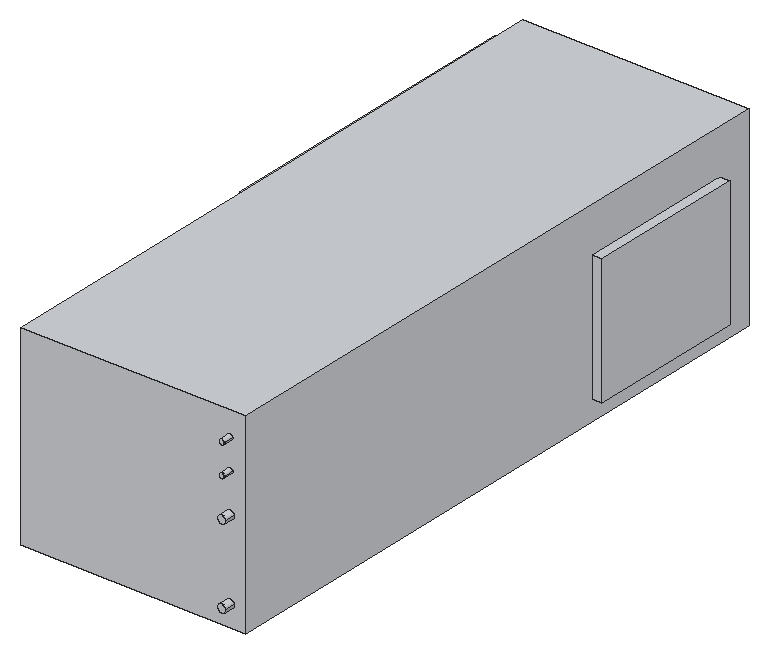
Revit family "M_WSHP - Horizontal - High Efficiency - 7-18 kW - Left Return - Right Discharge", category Mechanical Equipment, Revit 2023
Family settings
  Round Connector Dimension = Use Radius
  Part Type = Normal
  Work Plane-Based = No
  Always vertical = Yes
  Cut with Voids When Loaded = No
  Maintain Annotation Orientation = No
  Shared = No
  Room Calculation Point = No
Parameters (values of type "7 kW")
  Water Supply Radius = 10 mm
  Water Supply Diameter = Water Supply Radius * 2  # 20 mm
  Water Return Radius = 10 mm
  Water Return Diameter = Water Return Radius * 2  # 20 mm
  Water Pressure Drop [instance] = 24131.6 Pa
  Water Flow [instance] = 0.5 L/s
  Voltage = 208 V
  Supply Air Width = 400 mm
  Supply Air Height = 325 mm
  Return Air Height = 450 mm
  Return Air Width = 800 mm
  Pump Width = 1579.9 mm
  Pump Material = none
  Pump Length = 568.9 mm
  Pump Height = 490.2 mm
  Number of Poles = 3
  Hot Water Supply Radius = 6 mm
  Hot Water Supply Diameter = Hot Water Supply Radius * 2  # 12 mm
  Hot Water Return Radius = 6 mm
  Hot Water Return Diameter = Hot Water Return Radius * 2  # 12 mm
  Hot Water Flow [instance] = 0.32 L/s
  Default Elevation = 0 mm
  Condensate Radius = 10 mm
  Drain Flow [instance] = 0.0 L/s
  Condensate Diameter = Condensate Radius * 2  # 20 mm
  C6 Offset 1 = 55.9 mm
  C5 Offset 2 = 91.5 mm
  C5 Offset 1 = 50.8 mm
  C4 Offset 1 = 353 mm
  C3 Offset 1 = 429.2 mm
  C2 Offset 1 = 254 mm
  C1 Offset 1 = 53.4 mm
  Apparent Load = 3952 VA
  External Static Pressure [instance] = 149.3 Pa
  Air Flow [instance] = 377.56 L/s
Types (4, lengths in mm): name | Water Supply Radius | Water Supply Diameter | Water Return Radius | Water Return Diameter | Water Pressure Drop | Water Flow | Supply Air Width | Supply Air Height | Return Air Height | Return Air Width | Pump Width | Pump Length | Pump Height | Hot Water Flow | C5 Offset 2 | C5 Offset 1 | C4 Offset 1 | C3 Offset 1 | C2 Offset 1 | C1 Offset 1 | Apparent Load | External Static Pressure | Air Flow
  7 kW | 10 | 20 | 10 | 20 | 24131.6 Pa | 0.5 L/s | 400 | 325 | 450 | 800 | 1579.9 | 568.9 | 490.2 | 0.32 L/s | 91.5 | 50.8 | 353 | 429.2 | 254 | 53.4 | 3952 VA | 149.3 Pa | 377.56 L/s
  11 kW | 10 | 20 | 10 | 20 | 31026.4 Pa | 0.57 L/s | 450 | 475 | 500 | 900 | 1808.5 | 645.1 | 541 | 0.5 L/s | 78.8 | 25.4 | 370.9 | 480 | 274.3 | 151.4 | 5283 VA | 149.3 Pa | 566.34 L/s
  14 kW | 15 | 30 | 15 | 30 | 24821.1 Pa | 0.76 L/s | 450 | 475 | 500 | 1050 | 1935.5 | 645.1 | 541 | 0.63 L/s | 78.8 | 25.4 | 396.3 | 480 | 274.3 | 151.4 | 6780 VA | 199.07 Pa | 755.12 L/s
  18 kW | 15 | 30 | 15 | 30 | 24821.1 Pa | 0.95 L/s | 450 | 475 | 500 | 1150 | 2062.5 | 645.1 | 541 | 0.82 L/s | 78.8 | 25.4 | 396.3 | 480 | 274.3 | 151.4 | 7696 VA | 199.07 Pa | 943.89 L/s
Reference planes
  plane 1 "Center (Front/Back)": y = 0
  plane 2: z = 0
  plane 3 "Center (Left/Right)": x = 0
  plane 4: y = 1579.9
  plane 5: x = 568.9
  plane 6: z = 490.2
  plane 7: y = 1524
  plane 8: y = 724
  plane 9: z = 245.1
  plane 10: z = 470.1
  plane 11: z = 20.1
  plane 12: x = -25.4
  plane 13: y = 1605.3
  plane 14: z = 86.36
  plane 15: z = 86.36
  plane 16: x = 511.75
  plane 17: z = 363.2
  plane 18: x = 40.64
  plane 19: x = 528.26
  plane 20: z = 53.4
  plane 21: z = 254
  plane 22: z = 353
  plane 23: z = 429.2
  plane 24: y = -25.4
  plane 25: y = 1488.4
  plane 26: y = 1088.4
  plane 27: z = 50.8
  plane 28: z = 375.8
  plane 29: x = 594.3
Forms (mm)
  Extrusion 1, solid, material <- "Pump Material"
    sketch origin (0, 0, 0) x (1, 0, 0) y (0, 1, 0)
      loop
        line (0, 0) -> (568.9, 0) -> (568.9, 1579.9) -> (0, 1579.9) -> (0, 0)
    from 0 to 490.2
  Extrusion 2, solid, material <- "Pump Material"
    sketch origin (0, 0, 0) x (0, 1, 0) y (0, 0, 1)
      loop
        line (1524, 20.1) -> (1524, 470.1) -> (724, 470.1) -> (724, 20.1) -> (1524, 20.1)
    from -25.4 to 0
  Extrusion 3, solid, material <- "Pump Material"
    sketch origin (0, 0, 0) x (1, 0, 0) y (0, 0, 1)
      loop
        circle (511.75, 86.36) r 10
    from -1605.3 to -1579.9
  Extrusion 4, solid, material <- "Pump Material"
    sketch origin (0, 0, 0) x (1, 0, 0) y (0, 0, 1)
      loop
        circle (40.64, 363.2) r 25.4
    from -62.547 to 0
  Extrusion 5, solid, material <- "Pump Material"
    sketch origin (0, 0, 0) x (1, 0, 0) y (0, 0, 1)
      loop
        circle (528.26, 53.4) r 10
    from 0 to 25.4
  Extrusion 6, solid, material <- "Pump Material"
    sketch origin (0, 0, 0) x (1, 0, 0) y (0, 0, 1)
      loop
        circle (528.26, 254) r 10
    from 0 to 25.4
  Extrusion 7, solid, material <- "Pump Material"
    sketch origin (0, 0, 0) x (1, 0, 0) y (0, 0, 1)
      loop
        circle (528.26, 353) r 6
    from 0 to 25.4
  Extrusion 8, solid, material <- "Pump Material"
    sketch origin (0, 0, 0) x (1, 0, 0) y (0, 0, 1)
      loop
        circle (528.26, 429.2) r 6
    from 0 to 25.4
  Extrusion 9, solid, material <- "Pump Material"
    sketch origin (0, 0, 0) x (0, 1, 0) y (0, 0, 1)
      loop
        line (1088.4, 50.8) -> (1488.4, 50.8) -> (1488.4, 375.8) -> (1088.4, 375.8) -> (1088.4, 50.8)
    from 568.9 to 594.3
Cuts and joins
  joined: Extrusion 1, Extrusion 2, Extrusion 3, Extrusion 4, Extrusion 5, Extrusion 6, Extrusion 7, Extrusion 8, Extrusion 9
Dimensions and locks
  "Pump Width": plane 4 to plane 1 "Center (Front/Back)"
  "Pump Length": plane 3 "Center (Left/Right)" to plane 5
  "Pump Height": plane 6 to level
  "C6 Offset 1": plane 4 to plane 7
  "Return Air Width": plane 7 to plane 8
  equal spacing: plane 11, plane 9, plane 10
  "Return Air Height": plane 11 to plane 10
  locked: plane 12 to Extrusion 1 at 25.4
  locked: plane 13 to plane 4 at 25.4
  locked: plane 2 to plane 15 at 86.36
  locked: plane 5 to plane 16 at 57.15
  locked: plane 18 to plane 3 "Center (Left/Right)" at 40.64
  locked: plane 6 to plane 17 at 127
  locked: plane 19 to plane 5 at 40.64
  "C1 Offset 1": plane 20 to plane 2
  "C2 Offset 1": plane 21 to level
  "C4 Offset 1": plane 22 to level
  "C3 Offset 1": plane 23 to level
  locked: plane 24 to plane 1 "Center (Front/Back)" at 25.4
  "C5 Offset 2": plane 25 to plane 4
  "Supply Air Width": plane 26 to plane 25
  "C5 Offset 1": plane 27 to plane 2
  "Supply Air Height": plane 28 to plane 27
  locked: plane 5 to plane 29 at 25.4
  equal spacing: plane 6, plane 9, level
  "Condensate Radius": radius of Extrusion 3 sketch curve
  radius of Extrusion 4 sketch curve = 25.4 mm
  "Water Supply Radius": radius of Extrusion 5 sketch curve
  "Water Return Radius": radius of Extrusion 6 sketch curve
  "Hot Water Return Radius": radius of Extrusion 7 sketch curve
  "Hot Water Supply Radius": radius of Extrusion 8 sketch curve
  aligned and locked: plane 3 "Center (Left/Right)" to Extrusion 1 sketch curve
  aligned and locked: plane 1 "Center (Front/Back)" to Extrusion 1 sketch curve
  aligned and locked: plane 4 to Extrusion 1 sketch curve
  aligned and locked: plane 5 to Extrusion 1 sketch curve
  aligned and locked: plane 6 to Extrusion 1
  aligned and locked: plane 7 to Extrusion 2 sketch curve
  aligned and locked: Extrusion 2 sketch curve to plane 11
  aligned and locked: plane 10 to Extrusion 2 sketch curve
  aligned and locked: Extrusion 2 sketch curve to plane 8
  aligned and locked: Extrusion 2 to plane 12
  aligned and locked: plane 3 "Center (Left/Right)" to Extrusion 2
  aligned and locked: Extrusion 1 to level
  aligned and locked: Extrusion 3 to plane 4
  aligned and locked: plane 15 to Extrusion 3 sketch curve
  aligned and locked: plane 16 to Extrusion 3 sketch curve
  aligned and locked: plane 17 to Extrusion 4 sketch curve
  aligned and locked: plane 18 to Extrusion 4 sketch curve
  aligned and locked: plane 20 to Extrusion 5 sketch curve
  aligned and locked: plane 19 to Extrusion 5 sketch curve
  aligned and locked: plane 19 to Extrusion 6 sketch curve
  aligned and locked: plane 21 to Extrusion 6 sketch curve
  aligned and locked: plane 19 to Extrusion 7 sketch curve
  aligned and locked: plane 22 to Extrusion 7 sketch curve
  aligned and locked: plane 19 to Extrusion 8 sketch curve
  aligned and locked: plane 23 to Extrusion 8 sketch curve
  aligned and locked: Extrusion 8 to plane 24
  aligned and locked: Extrusion 7 to Extrusion 8
  aligned and locked: Extrusion 6 to Extrusion 7
  aligned and locked: Extrusion 6 to Extrusion 5  (x2)
  aligned and locked: Extrusion 5 to plane 1 "Center (Front/Back)"
  aligned and locked: Extrusion 5 to Extrusion 1
  aligned and locked: Extrusion 8 to plane 1 "Center (Front/Back)"
  aligned and locked: plane 26 to Extrusion 9 sketch curve
  aligned and locked: Extrusion 9 sketch curve to plane 27
  aligned and locked: plane 28 to Extrusion 9 sketch curve
  aligned and locked: plane 25 to Extrusion 9 sketch curve
  aligned and locked: plane 29 to Extrusion 9
  aligned and locked: Extrusion 9 to plane 5
  aligned and locked: plane 13 to cut or joined group 1 (Extrusion 1, Extrusion 2, Extrusion 3, Extrusion 4, Extrusion 5, Extrusion 6, Extrusion 7, Extrusion 8, Extrusion 9)
Connectors
  piping at (528.26, -25.4, 53.4), diameter 20, driven by "Water Supply Radius", driven by "Water Flow"
    settings: on Extrusion 5, index 1, connector inside diameter 20 mm, connector length 0 mm, flow factor 0, pipe flow 0.5 L/s, pressure drop 0.0 Pa, fitting loss kfactor 0, connector angle 0.00°, fixture units 0, engagement length 0 mm, angle of deflection 0.00°, flow configuration 1, flow direction 1, fitting loss method 0, system type 7, joint type 0, gender type 0, connector reference index 2, connector utility 0, adjustable connector no, is connector primary yes, connector description "Water Supply In"
  piping at (528.26, -25.4, 254), diameter 20, driven by "Water Return Radius", driven by "Water Flow", driven by "Water Pressure Drop"
    settings: on Extrusion 6, index 2, connector inside diameter 20 mm, connector length 0 mm, flow factor 0, pipe flow 0.5 L/s, pressure drop 24131.6 Pa, fitting loss kfactor 0, connector angle 0.00°, fixture units 0, engagement length 0 mm, angle of deflection 0.00°, flow configuration 1, flow direction 2, fitting loss method 4, system type 8, joint type 0, gender type 0, connector reference index 1, connector utility 0, adjustable connector no, is connector primary no, connector description "Water Return Out"
  piping at (528.26, -25.4, 429.2), diameter 12, driven by "Hot Water Flow", driven by "Hot Water Supply Radius"
    settings: on Extrusion 8, index 3, connector inside diameter 12 mm, connector length 0 mm, flow factor 0, pipe flow 0.32 L/s, pressure drop 0.0 Pa, fitting loss kfactor 0, connector angle 0.00°, fixture units 0, engagement length 0 mm, angle of deflection 0.00°, flow configuration 0, flow direction 2, fitting loss method 0, system type 7, joint type 0, gender type 0, connector reference index 4, connector utility 0, adjustable connector no, is connector primary no, connector description "Hot Water Supply Out"
  piping at (528.26, -25.4, 353), diameter 12, driven by "Hot Water Return Radius", driven by "Hot Water Flow"
    settings: on Extrusion 7, index 4, connector inside diameter 12 mm, connector length 0 mm, flow factor 0, pipe flow 0.32 L/s, pressure drop 0.0 Pa, fitting loss kfactor 0, connector angle 0.00°, fixture units 0, engagement length 0 mm, angle of deflection 0.00°, flow configuration 0, flow direction 1, fitting loss method 0, system type 8, joint type 0, gender type 0, connector reference index 3, connector utility 0, adjustable connector no, is connector primary no, connector description "Hot Water Return In"
  hvac at (594.3, 1288.4, 213.3), driven by "Air Flow", driven by "Supply Air Height", driven by "Supply Air Width"
    settings: on Extrusion 9, index 5, duct flow 377.56 L/s, flow factor 0, pres drop 0.0 Pa, loss coef 0, conn angle 0.00°, conn width 400 mm, conn height 325 mm, conn diameter 609.6 mm, duct sys type 1, conn prof type 1, flow config 0, flow direction 2, loss method 0, conn ref index 6, conn util no, is conn primary yes, conn desc ""
  hvac at (-25.4, 1124, 245.1), driven by "Air Flow", driven by "Return Air Height", driven by "Return Air Width"
    settings: on cut or joined group 1, index 6, duct flow 377.56 L/s, flow factor 0, pres drop 0.0 Pa, loss coef 0, conn angle 0.00°, conn width 800 mm, conn height 450 mm, conn diameter 609.6 mm, duct sys type 2, conn prof type 1, flow config 0, flow direction 1, loss method 0, conn ref index 5, conn util no, is conn primary no, conn desc ""
  piping at (511.75, 1605.3, 86.36), diameter 20, driven by "Drain Flow", driven by "Condensate Radius"
    settings: on cut or joined group 1, index 7, connector inside diameter 20 mm, connector length 0 mm, flow factor 0, pipe flow 0.0 L/s, pressure drop 0.0 Pa, fitting loss kfactor 0, connector angle 0.00°, fixture units 0, engagement length 0 mm, angle of deflection 0.00°, flow configuration 1, flow direction 2, fitting loss method 0, system type 16, joint type 0, gender type 0, connector reference index -1, connector utility 0, adjustable connector yes, is connector primary no, connector description "Condensate Out"
  electrical at (40.64, 0, 363.2), driven by "Apparent Load", driven by "Voltage", driven by "Number of Poles"
    settings: on Extrusion 4, index 8, voltage 208 V, apparent load 3952 VA, apparent load phase1 0 VA, apparent load phase2 0 VA, apparent load phase3 0 VA, power factor 0.8, load classification "HVAC", number of poles 3, system type 30, power factor state 1, is connector primary yes, connector utility no, sub classification motor no, connector description ""
